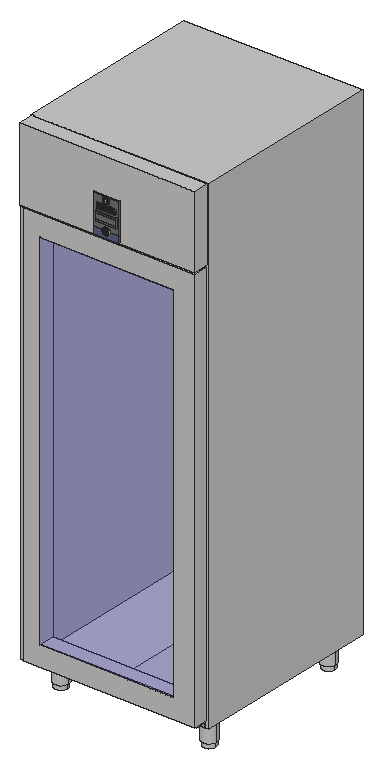
Revit family "QF_ELECTROLUXPROFESSIONAL_725229_REX71G0M", category Specialty Equipment, Revit 2018
Family settings
  Round Connector Dimension = Use Diameter
  Part Type = Normal
  Work Plane-Based = No
  Always vertical = Yes
  Cut with Voids When Loaded = No
  Shared = No
  Room Calculation Point = No
Parameters (values of type "Standard")
  Weight = 112.00 kg
  Watts = 0 W
  Volts = 220 V
  URL Manufacturer = "http://professional.electrolux.com"
  URL = "http://professional.electrolux.com"
  Steam Supply Size = 0 mm
  Steam Supply Minimum Pressure = 0.0 Pa
  Steam Supply Maximum Pressure = 0.0 Pa
  Steam Pounds per Hour = 0
  Refrigeration Suction Line Size = 0 mm
  Refrigeration Liquid Line Size = 0 mm
  Refrigerant Compressor Remote = yes
  Manufacturer = "Electrolux Professional"
  Phase = 1
  Model = "REX71G0M"
  Length Actual = 710 mm  # constant formula
  Item Number = "725229"
  Hot Water Size = 0 mm
  Height Actual = 2050 mm  # constant formula
  HP = "0.3 HP"
  Gas Size = 0 mm
  Gas KW = 0
  Gas Input Pressure = 0 W
  Direct Waste Size = 0 mm
  Description = "1-GLASS DOOR REF. 670L +2/+10°C DIG. A304 - R290 - MARINE 50HZ"
  Depth Actual = 835 mm  # constant formula
  Cycle = 50 Hz
  Condensate Return Size = 0 mm
  Compressed Air Volume = 0.0 L/s
  Compressed Air Size = 0 mm
  Compressed Air Pressure = 0.0 Pa
  Cold Water Size = 0 mm
  Accessory = yes
Reference planes
  plane 1 "Center (Front/Back)": y = 0
  plane 2: z = 0
  plane 3 "Center (Left/Right)": x = 0
  plane 4 "BASE": z = 110
  plane 5 "TOP": z = 2050
  plane 6 "FRONT": y = -417.5
  plane 7 "BACK": y = 417.5
  plane 8 "LEFT": x = -355
  plane 9 "RIGHT": x = 355
Forms (mm)
  Extrusion 1, solid, material "QF_Finishes_Stainless Steel"
    sketch origin (0, 0, 0) x (1, 0, 0) y (0, 1, 0)
      loop
        circle (-278, 344.5) r 25
      loop
        circle (278, 344.5) r 25
      loop
        circle (-295, -269.5) r 25
      loop
        circle (295, -269.5) r 25
    from 0 to 20
  Extrusion 2, solid, material "QF_Finishes_Stainless Steel"
    sketch origin (0, 0, 0) x (1, 0, 0) y (0, 1, 0)
      loop
        circle (-278, 344.5) r 30
      loop
        circle (278, 344.5) r 30
      loop
        circle (295, -269.5) r 30
      loop
        circle (-295, -269.5) r 30
    from 20 to 110
  Extrusion 3, solid, material "QF_Finishes_Stainless Steel"
    sketch origin (0, 0, 110) x (-1, 0, 0) y (0, -1, 0)
      loop
        line (355, -417.5) -> (355, 345.5) -> (-355, 345.5) -> (-355, -417.5) -> (355, -417.5)
    from 0 to 1940
  Extrusion 4, solid
    sketch origin (0, 417.5, 1660) x (-1, 0, 0) y (0, 0, 1)
      loop
        circle (339, 124) r 10
    from 0 to 3.2
  Extrusion 5, solid, material "QF_Door-Drawer Clearances", detail levels coarse
    sketch origin (0, 0, 110) x (-1, 0, 0) y (0, -1, 0)
      loop
        line (-345, 409.5) -> (-283, 409.5) -> (-283, 1006.5) -> (-301, 1006.5) -> (-301, 1024.5) -> (-323, 1024.5) -> (-323, 1062.5) -> (-345, 1062.5) -> (-345, 409.5)
    from 1642.965 to 28
  Extrusion 6, solid, material "QF_Door-Drawer Clearances", detail levels coarse
    sketch origin (0, 0, 110) x (-1, 0, 0) y (0, -1, 0)
      loop
        line (-283, 409.5) -> (347, 409.5)
        arc (347, 409.5) -> (150.684, 878.295) -> (-323, 1062.5) r 650
        line (-323, 1062.5) -> (-323, 1024.5) -> (-301, 1024.5) -> (-301, 1006.5) -> (-283, 1006.5) -> (-283, 409.5)
    from 1642.965 to 28
  Extrusion 7, solid, material "QF_Clearances", detail levels coarse
    sketch origin (0, 0, 110) x (-1, 0, 0) y (0, -1, 0)
      loop
        line (355, 417.5) -> (355, -417.5) -> (-355, -417.5) -> (-355, 417.5) -> (-375, 417.5) -> (-375, -447.5) -> (375, -447.5) -> (375, 417.5) -> (355, 417.5)
    from -110 to 1940
  Extrusion 8, solid, material "QF_Clearances", detail levels coarse
    sketch origin (0, 0, 2050) x (-1, 0, 0) y (0, -1, 0)
      loop
        line (375, -447.5) -> (375, 417.5) -> (-375, 417.5) -> (-375, -447.5) -> (375, -447.5)
    from 0 to 500
  Extrusion 9, void
    sketch origin (0, 417.5, 0) x (-1, 0, 0) y (0, 0, 1)
      loop
        line (280, 1724.965) -> (-280, 1724.965) -> (-280, 180) -> (0, 170) -> (280, 179.676) -> (280, 1724.965)
    from -56 to -763
  Extrusion 10, solid, material "QF_Finishes_Stainless Steel"
    sketch origin (0, 0, 110) x (-1, 0, 0) y (0, -1, 0)
      loop
        circle (0, 254.5) r 7.938
    from 0 to -10
Cuts and joins
  joined: Extrusion 7, Extrusion 8
  Extrusion 9 cuts Extrusion 3
Lines and regions (mm)
  symbolic lines, style "SpecialityEquipmentHiddenLines"
    curve 1: line (345, -409.5, 110) -> (345, -1062.5, 110)
    curve 2: line (345, -1062.5, 110) -> (323, -1062.5, 110)
    curve 3: line (283, -409.5, 110) -> (283, -1006.5, 110)
    curve 4: line (323, -1062.5, 110) -> (323, -1024.5, 110)
    curve 5: line (323, -1024.5, 110) -> (301, -1024.5, 110)
    curve 6: line (301, -1024.5, 110) -> (301, -1006.5, 110)
    curve 7: line (301, -1006.5, 110) -> (283, -1006.5, 110)
    curve 8: arc (-347, -409.5, 110) -> (-150.684, -878.295, 110) -> (323, -1062.5, 110) r 650
  symbolic lines, style "QF_Clearances", detail levels coarse
    curve 9: line (-355, -417.5, 2050) -> (-375, -417.5, 2050)
    curve 10: line (-375, -417.5, 2050) -> (-375, 447.5, 2050)
    curve 11: line (-375, 447.5, 2050) -> (375, 447.5, 2050)
    curve 12: line (375, 447.5, 2050) -> (375, -417.5, 2050)
    curve 13: line (375, -417.5, 2050) -> (355, -417.5, 2050)
  symbolic lines
    curve 14: line (355, 417.5, 110) -> (-355, 417.5, 110)
    curve 15: line (355, -345.5, 110) -> (355, 417.5, 110)
    curve 16: line (-355, -345.5, 110) -> (355, -345.5, 110)
    curve 17: line (-355, 417.5, 110) -> (-355, -345.5, 110)
Dimensions and locks
  equal spacing: plane 7 "BACK", plane 1 "Center (Front/Back)", plane 6 "FRONT"
  equal spacing: plane 8 "LEFT", plane 3 "Center (Left/Right)", plane 9 "RIGHT"
  plane 8 "LEFT" to plane 9 "RIGHT" = 710 mm
  plane 7 "BACK" to plane 6 "FRONT" = 835 mm
  plane 5 "TOP" to plane 2 = 2050 mm
  aligned and locked: level to plane 2
Automatic sketch dimensions
  Extrusion 3 sketch curve to plane 7 "BACK" = 0 mm
  Extrusion 3 sketch curve to plane 9 "RIGHT" = 0 mm
  Extrusion 3 sketch curve to plane 8 "LEFT" = 0 mm
  plane 8 "LEFT" to Extrusion 4 sketch curve = 16 mm
  plane 4 "BASE" to Extrusion 4 sketch curve = 1674 mm
  plane 9 "RIGHT" to Extrusion 5 sketch curve = 10 mm
  Extrusion 5 sketch curve to plane 6 "FRONT" = 589 mm
  Extrusion 5 sketch curve to Extrusion 5 sketch curve = 18 mm
  Extrusion 5 sketch curve to Extrusion 5 sketch curve = 38 mm
  plane 6 "FRONT" to Extrusion 5 sketch curve = 8 mm
  plane 6 "FRONT" to Extrusion 6 sketch curve = 4.692 mm
  Extrusion 6 sketch curve to Extrusion 6 sketch curve = 18 mm  (x2)
  Extrusion 6 sketch curve to Extrusion 6 sketch curve = 38 mm
  plane 8 "LEFT" to Extrusion 6 sketch curve = 8 mm
  plane 6 "FRONT" to Extrusion 6 sketch curve = 8 mm
  Extrusion 7 sketch curve to plane 6 "FRONT" = 0 mm  (x2)
  Extrusion 7 sketch curve to plane 7 "BACK" = 0 mm
  Extrusion 7 sketch curve to plane 9 "RIGHT" = 0 mm
  Extrusion 7 sketch curve to plane 8 "LEFT" = 0 mm
  Extrusion 7 sketch curve to plane 9 "RIGHT" = 20 mm
  Extrusion 7 sketch curve to plane 8 "LEFT" = 20 mm
  plane 7 "BACK" to Extrusion 7 sketch curve = 30 mm
  Extrusion 8 sketch curve to plane 6 "FRONT" = 0 mm
  Extrusion 8 sketch curve to plane 9 "RIGHT" = 20 mm
  Extrusion 8 sketch curve to plane 8 "LEFT" = 20 mm
  plane 7 "BACK" to Extrusion 8 sketch curve = 30 mm
  plane 8 "LEFT" to Extrusion 1 sketch curve = 60 mm
  plane 8 "LEFT" to Extrusion 1 sketch curve = 77 mm
  plane 9 "RIGHT" to Extrusion 1 sketch curve = 77 mm
  plane 9 "RIGHT" to Extrusion 1 sketch curve = 60 mm
  plane 6 "FRONT" to Extrusion 1 sketch curve = 148 mm  (x2)
  Extrusion 1 sketch curve to plane 7 "BACK" = 73 mm  (x2)
  plane 8 "LEFT" to Extrusion 2 sketch curve = 60 mm
  plane 8 "LEFT" to Extrusion 2 sketch curve = 77 mm
  plane 9 "RIGHT" to Extrusion 2 sketch curve = 77 mm
  plane 9 "RIGHT" to Extrusion 2 sketch curve = 60 mm
  plane 6 "FRONT" to Extrusion 2 sketch curve = 148 mm  (x2)
  Extrusion 2 sketch curve to plane 7 "BACK" = 73 mm  (x2)
  plane 6 "FRONT" to Extrusion 3 sketch curve = 72 mm
  plane 9 "RIGHT" to Extrusion 5 sketch curve = 32 mm
  Extrusion 5 sketch curve to Extrusion 5 sketch curve = 22 mm
  Extrusion 5 sketch curve to Extrusion 5 sketch curve = 62 mm
  plane 9 "RIGHT" to Extrusion 6 sketch curve = 72 mm
  Extrusion 6 sketch curve to Extrusion 6 sketch curve = 19.992 mm
  Extrusion 6 sketch curve to Extrusion 6 sketch curve = 22 mm
  curve 13 to plane 6 "FRONT" = 0 mm
  curve 13 to plane 9 "RIGHT" = 0 mm
  curve 9 to plane 6 "FRONT" = 0 mm
  curve 9 to plane 8 "LEFT" = 0 mm
  curve 12 to plane 9 "RIGHT" = 20 mm
  curve 9 to curve 9 = 20 mm
  plane 7 "BACK" to curve 12 = 30 mm
  Extrusion 10 sketch curve to plane 3 "Center (Left/Right)" = 0 mm
  plane 6 "FRONT" to Extrusion 10 sketch curve = 163 mm
  Extrusion 9 sketch curve to plane 3 "Center (Left/Right)" = 0 mm
  plane 8 "LEFT" to Extrusion 9 sketch curve = 75 mm
  plane 4 "BASE" to Extrusion 9 sketch curve = 60 mm
  plane 4 "BASE" to Extrusion 9 sketch curve = 69.676 mm
  Extrusion 9 sketch curve to plane 5 "TOP" = 325.035 mm
  plane 9 "RIGHT" to Extrusion 9 sketch curve = 75 mm
  Extrusion 9 sketch curve to Extrusion 9 sketch curve = 0.324 mm
  curve 15 to plane 7 "BACK" = 0 mm
  curve 15 to plane 9 "RIGHT" = 0 mm
  curve 16 to plane 8 "LEFT" = 0 mm
  plane 9 "RIGHT" to curve 2 = 10 mm
  plane 9 "RIGHT" to curve 5 = 32 mm
  plane 6 "FRONT" to curve 8 = 4.692 mm
  curve 1 to curve 8 = 42.008 mm
  curve 4 to curve 6 = 22 mm
  curve 6 to curve 7 = 18 mm
  plane 6 "FRONT" to curve 17 = 72 mm
  curve 7 to plane 6 "FRONT" = 589 mm
  curve 6 to curve 6 = 18 mm
  curve 4 to curve 2 = 38 mm
  plane 6 "FRONT" to curve 8 = 8 mm
  plane 6 "FRONT" to curve 3 = 8 mm
  plane 6 "FRONT" to curve 1 = 8 mm
  radius of Extrusion 1 sketch curve = 25 mm  (x4)
  radius of Extrusion 2 sketch curve = 30 mm  (x4)
  radius of Extrusion 4 sketch curve = 10 mm
  radius of Extrusion 10 sketch curve = 7.938 mm
Nested families
  nested 1: "QF_725229_Door" at (0, -345.5, 968.365) x (1, 0, 0) z (0, -1, 0), type "QF_725229_Door"
    with Show Clearance yes
  nested 2: "Refrigerator" at (355, -417.5, 110), type "Refrigerator"
Connectors
  electrical at (-339, 420.7, 1784), driven by "Volts"
    settings: on Extrusion 4, index 2, voltage 220 V, apparent load 0 VA, apparent load phase1 0 VA, apparent load phase2 0 VA, apparent load phase3 0 VA, power factor 1, load classification "Other", number of poles 1, system type 30, power factor state 1, is connector primary yes, connector utility no, sub classification motor no, connector description "Electrical Connection"
  piping at (0, -254.5, 100), diameter 15.875
    settings: on Extrusion 10, index 3, connector inside diameter 609.6 mm, connector length 0 mm, flow factor 0, pipe flow 0.0 L/s, pressure drop 0.0 Pa, fitting loss kfactor 0, connector angle 0.00°, fixture units 0, engagement length 0 mm, angle of deflection 0.00°, flow configuration 1, flow direction 2, fitting loss method 0, system type 16, joint type 0, gender type 0, connector reference index -1, connector utility 0, adjustable connector no, is connector primary yes, connector description "Drain"
Definition of nested family "QF_725229_Door"
  Parameters
    Show Clearance [instance] = yes
    Model = "729040"
    Default Elevation = 0 mm
  Reference planes
    plane 1 "Center (Front/Back)": y = 0
    plane 2: z = 0
    plane 3 "Center (Left/Right)": x = 0
  Forms (mm)
    Extrusion 1, solid
      sketch origin (0, -919.2, 0) x (1, 0, 0) y (0, 1, 0)
        loop
          line (-460, 2119.2) -> (-460, -162.846) -> (488.967, -162.846) -> (488.967, 2119.2) -> (-460, 2119.2)
      from 0 to -59.546
    Extrusion 2, solid
      sketch origin (0, 0, 0) x (1, 0, 0) y (0, 0, 1)
        loop
          line (-347, 64) -> (-347, 0) -> (347, 0) -> (347, 64) -> (-347, 64)
      from -1081.6 to -791.6
    Extrusion 3, solid
      sketch origin (0, 0, 0) x (1, 0, 0) y (0, 0, 1)
        loop
          line (-347, 60) -> (-347, 26) -> (-325, 26) -> (-325, 8) -> (-307, 8) -> (-307, 0) -> (339, 0) -> (339, 8) -> (347, 8) -> (347, 64) -> (-332, 64) -> (-347, 60)
      from -784.6 to 830.4
    Extrusion 4, solid
      sketch origin (119, -516.365, 0) x (0, 1, 0) y (0, 0, 1)
        loop
          line (-323.003, 40.312) -> (-316.501, 40.312) -> (-316.501, 42.812) -> (-325.503, 42.812) -> (-325.503, 2.5) -> (-342, 2.5) -> (-342, 0) -> (-323.003, 0) -> (-323.003, 12.259) -> (-323.003, 40.312)
        loop
          line (-314, 38.311) -> (-316.501, 38.311) -> (-316.501, 14.304) -> (-319.752, 14.304) -> (-319.752, 11.804) -> (-314, 11.804) -> (-314, 38.311)
      from 185 to 220
    Extrusion 5, solid
      sketch origin (119, 469.597, 0) x (0, 1, 0) y (0, 0, 1)
        loop
          line (315.003, 27.948) -> (315.003, 2.948) -> (315.003, 0) -> (322.003, 0) -> (322.003, 2.5) -> (317.503, 2.5) -> (317.503, 27.948) -> (315.003, 27.948)
      from 185 to 220
    Extrusion 6, void
      sketch origin (0, 0, 0) x (1, 0, 0) y (0, 1, 0)
        loop
          line (267, -750.4) -> (267, 704.6) -> (-267, 704.6) -> (-267, -750.4) -> (267, -750.4)
      from 0 to 64
    Extrusion 7, solid
      sketch origin (0, 0, 0) x (1, 0, 0) y (0, 1, 0)
        loop
          line (267, 704.6) -> (-267, 704.6) -> (-267, -750.4) -> (267, -750.4) -> (267, 704.6)
      from 60 to 64
  Cuts and joins
    Extrusion 6 cuts Extrusion 3
  Lines and regions (mm)
    symbolic lines
      curve 1: line (-347, 0, 64) -> (347, 0, 64)
      curve 2: line (-347, 0, 0) -> (-347, 0, 64)
      curve 3: line (347, 0, 0) -> (-347, 0, 0)
      curve 4: line (347, 0, 64) -> (347, 0, 0)
      curve 5: line (-347, 0, 26) -> (-325, 0, 26)
      curve 6: line (-325, 0, 26) -> (-325, 0, 8)
      curve 7: line (-325, 0, 8) -> (-307, 0, 8)
      curve 8: line (-307, 0, 8) -> (-307, 0, 0)
      curve 9: line (339, 0, 8) -> (347, 0, 8)
      curve 10: line (339, 0, 8) -> (339, 0, 0)
  Dimensions and locks
    aligned and locked: plane 2 to Extrusion 1
    aligned and locked: level to Extrusion 1
  Nested families
    nested 1: "QF_DisplayStandardCabinets" at (0, 863.6, 64), type "QF_DisplayStandardCabinets"
      with Show Clearance yes
  Definition of nested family "QF_DisplayStandardCabinets"
    Parameters
      Show Clearance [instance] = yes
      Model = "728658"
      Default Elevation = 1219.2 mm
    Reference planes
      plane 1 "Center (Front/Back)": y = 0
      plane 2: z = 0
      plane 3 "Center (Left/Right)": x = 0
    Forms (mm)
      Extrusion 1, solid
        sketch origin (0, -919.2, 0) x (1, 0, 0) y (0, 1, 0)
          loop
            line (-198.75, 1146.2) -> (-198.75, 709.567) -> (165.741, 709.567) -> (165.741, 1146.2) -> (-198.75, 1146.2)
        from 0 to -59.546
      Extrusion 2, solid
        sketch origin (-59, -44.611, 0) x (0, 1, 0) y (-1, 0, 0)
          loop
            circle (0.611, -59) r 14
        from 4 to 7
      Extrusion 3, solid
        sketch origin (744.635, 320.889, 0) x (0, 1, 0) y (-1, 0, 0)
          loop
            circle (-364.889, 744.635) r 10
          loop
            circle (-364.889, 744.635) r 9
        from 4 to 8
      Extrusion 4, solid
        sketch origin (744.635, 320.889, 0) x (0, 1, 0) y (-1, 0, 0)
          loop
            circle (-364.889, 744.635) r 8.7
        from 4 to 8
      Extrusion 5, void
        sketch origin (744.635, 320.889, 0) x (0, 1, 0) y (-1, 0, 0)
          loop
            line (-372.339, 745.885) -> (-372.339, 743.385) -> (-362.339, 743.385) -> (-362.339, 745.885) -> (-372.339, 745.885)
        from 8.592 to 6.269
      Extrusion 6, solid
        sketch origin (744.635, 320.889, 0) x (0, 1, 0) y (-1, 0, 0)
          loop
            line (-372.339, 745.885) -> (-372.339, 743.385) -> (-362.339, 743.385) -> (-362.339, 745.885) -> (-372.339, 745.885)
        from 6 to 8
      Extrusion 7, solid
        sketch origin (0, 0, 0) x (1, 0, 0) y (0, 1, 0)
          loop
            line (-51.473, 80) -> (-51.473, -44) -> (-14, -44)
            arc (-14, -44) -> (0, -30) -> (14, -44) r 14
            line (14, -44) -> (50.954, -44) -> (50.954, 80) -> (-51.473, 80)
        from 0 to 4
      Extrusion 8, solid
        sketch origin (0, -30, 0) x (0, 1, 0) y (0, 0, 1)
          loop
            line (10.404, 4) -> (17.404, 4) -> (17.404, 8)
            arc (17.404, 8) -> (13.868, 7.749) -> (10.404, 7) r 25
            line (10.404, 7) -> (10.404, 4)
          loop
            arc (47.404, 7) -> (43.939, 7.749) -> (40.404, 8) r 25
            line (40.404, 8) -> (40.404, 4) -> (47.404, 4) -> (47.404, 7)
        from 40 to -40
      Extrusion 9, solid
        sketch origin (0, -30, 0) x (1, 0, 0) y (0, 1, 0)
          loop
            line (-40, 40.404) -> (-40, 17.404) -> (40, 17.404) -> (40, 40.404) -> (-40, 40.404)
        from 8 to 4
      Extrusion 10, solid
        sketch origin (46.005, 87.683, 0) x (1, 0, 0) y (0, 1, 0)
          loop
            line (-43.063, -13.359) -> (-43.063, -33.154)
            arc (-43.063, -33.154) -> (-35.746, -23.257) -> (-43.063, -13.359) r 10.352
          loop
            arc (-44.07, -13.359) -> (-52.302, -15.23) -> (-56.268, -22.683) r 10.145
            line (-56.268, -22.683) -> (-52.994, -22.683)
            arc (-52.994, -22.683) -> (-47.143, -20.308) -> (-44.07, -14.793) r 9.509
            line (-44.07, -14.793) -> (-44.07, -13.359)
          loop
            arc (-44.07, -31.721) -> (-47.143, -26.205) -> (-52.994, -23.831) r 9.509
            line (-52.994, -23.831) -> (-56.268, -23.831)
            arc (-56.268, -23.831) -> (-52.309, -31.345) -> (-44.07, -33.408) r 10.411
            line (-44.07, -33.408) -> (-44.07, -31.721)
          loop
            line (-57.02, -12.279) -> (-57.02, -34.279) -> (-34.99, -34.279) -> (-34.99, -12.279) -> (-57.02, -12.279)
        from 4 to 5.6
      Extrusion 11, solid
        sketch origin (-12.866, 61.032, 0) x (1, 0, 0) y (0, 1, 0)
          loop
            line (-15.272, -12.492) -> (-22.708, -12.492) -> (-22.708, -21.151)
            arc (-22.708, -21.151) -> (-21.729, -23.514) -> (-19.367, -24.492) r 3.341
            line (-19.367, -24.492) -> (-15.128, -24.492) -> (-15.128, -22.55) -> (-18.883, -22.55)
            arc (-18.883, -22.55) -> (-20.117, -22.133) -> (-20.642, -20.941) r 1.615
            line (-20.642, -20.941) -> (-20.642, -19.224) -> (-15.593, -19.224) -> (-15.593, -17.274) -> (-20.642, -17.274) -> (-20.642, -14.436) -> (-15.272, -14.436) -> (-15.272, -12.492)
          loop
            line (-13.66, -12.492) -> (-13.66, -24.492) -> (-11.593, -24.492) -> (-11.593, -12.492) -> (-13.66, -12.492)
          loop
            line (31.232, -12.492) -> (31.232, -24.492) -> (33.3, -24.492) -> (33.3, -12.492) -> (31.232, -12.492)
          loop
            line (-8.175, -20.66) -> (-1.392, -20.66)
            arc (-1.392, -20.66) -> (-2.453, -16.934) -> (-6.081, -15.575) r 4.298
            arc (-6.081, -15.575) -> (-9.277, -17.196) -> (-10.188, -20.66) r 4.373
            arc (-10.188, -20.66) -> (-8.988, -23.558) -> (-6.091, -24.758) r 4.097
            arc (-6.091, -24.758) -> (-3.837, -24.425) -> (-1.946, -23.152) r 5.15
            line (-1.946, -23.152) -> (-3.171, -21.928)
            arc (-3.171, -21.928) -> (-4.778, -22.892) -> (-6.645, -22.73) r 3.039
            arc (-6.645, -22.73) -> (-7.784, -21.972) -> (-8.175, -20.66) r 2.013
          loop
            line (-8.123, -19.207) -> (-3.469, -19.207)
            arc (-3.469, -19.207) -> (-4.122, -17.833) -> (-5.557, -17.326) r 1.983
            arc (-5.557, -17.326) -> (-7.213, -17.758) -> (-8.123, -19.207) r 2.321
          loop
            line (6.665, -18.342) -> (7.963, -17.044)
            arc (7.963, -17.044) -> (6.336, -15.866) -> (4.358, -15.514) r 4.497
            arc (4.358, -15.514) -> (1.341, -16.616) -> (-0.242, -19.411) r 4.652
            arc (-0.242, -19.411) -> (2.426, -24.31) -> (7.89, -23.18) r 4.684
            line (7.89, -23.18) -> (6.599, -21.89)
            arc (6.599, -21.89) -> (3.813, -22.811) -> (1.817, -20.66) r 2.714
            arc (1.817, -20.66) -> (1.956, -18.959) -> (3.127, -17.718) r 2.578
            arc (3.127, -17.718) -> (5.002, -17.432) -> (6.665, -18.342) r 2.961
          loop
            line (9.233, -12.492) -> (9.233, -20.693)
            arc (9.233, -20.693) -> (9.411, -21.923) -> (9.872, -23.078) r 5.301
            arc (9.872, -23.078) -> (11.347, -24.251) -> (13.216, -24.498) r 3.531
            line (13.216, -24.498) -> (13.216, -22.561)
            arc (13.216, -22.561) -> (12.66, -22.519) -> (12.142, -22.313) r 1.862
            arc (12.142, -22.313) -> (11.478, -21.611) -> (11.3, -20.66) r 1.713
            line (11.3, -20.66) -> (11.3, -17.691) -> (13.177, -17.691) -> (13.177, -15.813) -> (11.3, -15.813) -> (11.3, -12.492) -> (9.233, -12.492)
          loop
            arc (16.966, -19.93) -> (17.114, -19.065) -> (17.54, -18.298) r 2.607
            arc (17.54, -18.298) -> (18.779, -17.662) -> (20.17, -17.691) r 2.84
            line (20.17, -17.691) -> (20.17, -15.704)
            arc (20.17, -15.704) -> (18.352, -15.876) -> (16.966, -17.064) r 3.016
            line (16.966, -17.064) -> (16.966, -15.813) -> (14.916, -15.813) -> (14.916, -24.492) -> (16.966, -24.492) -> (16.966, -19.93)
          loop
            circle (25.224, -20.154) r 4.599
          loop
            circle (25.224, -20.154) r 2.787
          loop
            arc (40.755, -20.878) -> (40.245, -22.281) -> (38.861, -22.84) r 1.835
            arc (38.861, -22.84) -> (37.476, -22.281) -> (36.966, -20.878) r 1.835
            line (36.966, -20.878) -> (36.966, -15.813) -> (34.881, -15.813) -> (34.881, -21.05)
            arc (34.881, -21.05) -> (36.067, -23.754) -> (38.861, -24.712) r 3.675
            arc (38.861, -24.712) -> (41.685, -23.725) -> (42.839, -20.965) r 3.675
            line (42.839, -20.965) -> (42.839, -15.813) -> (40.755, -15.813) -> (40.755, -20.878)
          loop
            line (44.088, -15.813) -> (47.09, -19.889) -> (43.792, -24.495) -> (46.014, -24.495) -> (48.203, -21.438) -> (50.424, -24.495) -> (52.632, -24.495) -> (49.381, -19.842) -> (52.354, -15.813) -> (50.097, -15.813) -> (48.196, -18.39) -> (46.324, -15.813) -> (44.088, -15.813)
          loop
            line (-21.545, -29.467) -> (-23.194, -29.467) -> (-23.194, -33.617) -> (-22.292, -33.617) -> (-22.292, -32.188) -> (-21.295, -32.188)
            arc (-21.295, -32.188) -> (-20.179, -30.713) -> (-21.545, -29.467) r 1.372
          loop
            arc (-21.334, -31.373) -> (-20.993, -30.839) -> (-21.334, -30.306) r 0.587
            line (-21.334, -30.306) -> (-22.292, -30.306) -> (-22.292, -31.373) -> (-21.334, -31.373)
          loop
            line (-15.033, -29.467) -> (-16.71, -29.467) -> (-16.71, -33.617) -> (-15.808, -33.617) -> (-15.808, -32.188) -> (-14.935, -32.188) -> (-14.339, -33.617) -> (-13.37, -33.617) -> (-14.186, -31.867)
            arc (-14.186, -31.867) -> (-13.795, -31.4) -> (-13.664, -30.805) r 1.281
            arc (-13.664, -30.805) -> (-14.076, -29.857) -> (-15.033, -29.467) r 1.37
          loop
            line (-15.808, -30.306) -> (-15.808, -31.373) -> (-14.85, -31.373)
            arc (-14.85, -31.373) -> (-14.509, -30.839) -> (-14.85, -30.306) r 0.587
            line (-14.85, -30.306) -> (-15.808, -30.306)
          loop
            circle (-8.072, -31.542) r 2.156
          loop
            circle (-8.072, -31.542) r 1.368
          loop
            line (-2.373, -29.467) -> (-2.373, -33.617) -> (-1.493, -33.617) -> (-1.493, -32.167) -> (0.069, -32.167) -> (0.069, -31.237) -> (-1.493, -31.237) -> (-1.493, -30.361) -> (0.219, -30.361) -> (0.219, -29.467) -> (-2.373, -29.467)
          loop
            line (3.719, -29.467) -> (3.719, -32.269)
            arc (3.719, -32.269) -> (4.101, -33.219) -> (5.046, -33.614) r 1.327
            line (5.046, -33.614) -> (6.385, -33.614) -> (6.385, -32.83) -> (5.126, -32.83)
            arc (5.126, -32.83) -> (4.662, -32.447) -> (4.571, -31.852) r 0.845
            line (4.571, -31.852) -> (6.23, -31.852) -> (6.23, -31.068) -> (4.571, -31.068) -> (4.571, -30.251) -> (6.345, -30.251) -> (6.345, -29.467) -> (3.719, -29.467)
          loop
            arc (18.747, -29.993) -> (18.197, -29.542) -> (17.501, -29.398) r 1.485
            arc (17.501, -29.398) -> (16.858, -29.556) -> (16.329, -29.955) r 1.645
            arc (16.329, -29.955) -> (16.232, -30.897) -> (16.84, -31.624) r 1.217
            arc (16.84, -31.624) -> (17.351, -31.794) -> (17.836, -32.029) r 4.201
            arc (17.836, -32.029) -> (18.142, -32.39) -> (17.931, -32.814) r 0.43
            arc (17.931, -32.814) -> (17.539, -32.906) -> (17.149, -32.807) r 0.846
            arc (17.149, -32.807) -> (16.811, -32.564) -> (16.605, -32.203) r 0.983
            line (16.605, -32.203) -> (15.879, -32.542)
            arc (15.879, -32.542) -> (16.14, -33.046) -> (16.562, -33.427) r 1.595
            arc (16.562, -33.427) -> (17.04, -33.631) -> (17.557, -33.683) r 1.719
            arc (17.557, -33.683) -> (18.196, -33.556) -> (18.772, -33.25) r 2.246
            arc (18.772, -33.25) -> (19.027, -32.573) -> (18.896, -31.863) r 1.349
            arc (18.896, -31.863) -> (18.612, -31.535) -> (18.249, -31.298) r 1.564
            arc (18.249, -31.298) -> (17.79, -31.093) -> (17.32, -30.917) r 8.236
            arc (17.32, -30.917) -> (17.048, -30.494) -> (17.441, -30.181) r 0.375
            arc (17.441, -30.181) -> (17.911, -30.294) -> (18.273, -30.616) r 0.998
            line (18.273, -30.616) -> (18.747, -29.993)
          loop
            line (22.554, -29.467) -> (22.554, -33.614) -> (23.407, -33.614) -> (23.407, -29.467) -> (22.554, -29.467)
          loop
            circle (29.157, -31.541) r 1.29
          loop
            circle (29.157, -31.541) r 2.154
          loop
            line (34.878, -33.614) -> (35.739, -33.614) -> (35.739, -31.007) -> (37.636, -33.614) -> (38.465, -33.614) -> (38.465, -29.467) -> (37.604, -29.467) -> (37.604, -32.154) -> (35.707, -29.467) -> (34.878, -29.467) -> (34.878, -33.614)
          loop
            line (42.765, -33.614) -> (43.169, -32.72) -> (44.703, -32.72) -> (45.106, -33.614) -> (46.023, -33.614) -> (44.271, -29.467) -> (43.471, -29.467) -> (41.849, -33.614) -> (42.765, -33.614)
          loop
            line (44.32, -31.869) -> (43.909, -30.958) -> (43.51, -31.869) -> (44.32, -31.869)
          loop
            line (50.258, -32.83) -> (50.258, -29.467) -> (49.406, -29.467) -> (49.406, -33.614) -> (51.853, -33.614) -> (51.853, -32.83) -> (50.258, -32.83)
          loop
            arc (12.529, -29.993) -> (11.98, -29.542) -> (11.284, -29.398) r 1.485
            arc (11.284, -29.398) -> (10.641, -29.556) -> (10.112, -29.955) r 1.645
            arc (10.112, -29.955) -> (10.014, -30.897) -> (10.622, -31.624) r 1.217
            arc (10.622, -31.624) -> (11.133, -31.794) -> (11.618, -32.029) r 4.201
            arc (11.618, -32.029) -> (11.925, -32.39) -> (11.714, -32.814) r 0.43
            arc (11.714, -32.814) -> (11.322, -32.906) -> (10.931, -32.807) r 0.846
            arc (10.931, -32.807) -> (10.594, -32.564) -> (10.387, -32.203) r 0.983
            line (10.387, -32.203) -> (9.662, -32.542)
            arc (9.662, -32.542) -> (9.923, -33.046) -> (10.345, -33.427) r 1.595
            arc (10.345, -33.427) -> (10.823, -33.631) -> (11.34, -33.683) r 1.719
            arc (11.34, -33.683) -> (11.979, -33.556) -> (12.555, -33.25) r 2.246
            arc (12.555, -33.25) -> (12.809, -32.573) -> (12.678, -31.863) r 1.349
            arc (12.678, -31.863) -> (12.394, -31.535) -> (12.031, -31.298) r 1.564
            arc (12.031, -31.298) -> (11.573, -31.093) -> (11.102, -30.917) r 8.236
            arc (11.102, -30.917) -> (10.83, -30.494) -> (11.223, -30.181) r 0.375
            arc (11.223, -30.181) -> (11.694, -30.294) -> (12.056, -30.616) r 0.998
            line (12.056, -30.616) -> (12.529, -29.993)
        from 4 to 5.6
      Extrusion 12, solid
        sketch origin (0, 0, 0) x (1, 0, 0) y (0, 1, 0)
          loop
            line (-51.473, -44) -> (-51.473, -70) -> (50.954, -70) -> (50.954, -44) -> (14, -44)
            arc (14, -44) -> (0, -58) -> (-14, -44) r 14
            line (-14, -44) -> (-51.473, -44)
        from 0 to 4
    Cuts and joins
      Extrusion 5 cuts Extrusion 4
      joined: Extrusion 8, Extrusion 9
    Lines and regions (mm)
      Split face 1
        outline origin (-41, 10.404, 8) x (-1, 0, 0) y (0, -1, 0)
          loop
            line (-72.157, 0.05) -> (-72.157, 10.5) -> (-78.157, 10.5) -> (-78.157, 0.05) -> (-72.157, 0.05)
      Split face 2
        outline origin (-50, 10.404, 8) x (-1, 0, 0) y (0, -1, 0)
          loop
            line (-72.157, 0.05) -> (-72.157, 10.5) -> (-78.157, 10.5) -> (-78.157, 0.05) -> (-72.157, 0.05)
      Split face 3
        outline origin (-50, 10.404, 8) x (-1, 0, 0) y (0, -1, 0)
          loop
            line (-72.157, 12.45) -> (-72.157, 22.9) -> (-78.157, 22.9) -> (-78.157, 12.45) -> (-72.157, 12.45)
      Split face 4
        outline origin (-50, 10.404, 8) x (-1, 0, 0) y (0, -1, 0)
          loop
            line (-81.157, 12.45) -> (-81.157, 22.9) -> (-87.157, 22.9) -> (-87.157, 12.45) -> (-81.157, 12.45)
      Split face 5
        outline origin (-50, 10.404, 8) x (-1, 0, 0) y (0, -1, 0)
          loop
            line (-13, 0.1) -> (-13, 22.9) -> (-69, 22.9) -> (-69, 0.1) -> (-13, 0.1)
      symbolic lines
        curve 1: line (52.518, 0, 4) -> (-53.037, 0, 4)
        curve 2: line (40, 0, 4) -> (40, 0, 8)
        curve 3: line (40, 0, 8) -> (-40, 0, 8)
        curve 4: line (-40, 0, 8) -> (-40, 0, 4)
        curve 5: line (-64.765, 0, 0) -> (-53.037, 0, 4)
        curve 6: line (52.518, 0, 4) -> (64.135, 0, 0)
    Dimensions and locks
      aligned and locked: plane 2 to Extrusion 1
      aligned and locked: level to Extrusion 1
Definition of nested family "Refrigerator"
  Reference planes
    plane 1 "Center (Front/Back)": y = 0
    plane 2: z = 0
    plane 3 "Center (Left/Right)": x = 0
  Lines and regions (mm)
    detail lines, in view "Ref. Level"
      curve 1: spline (-500, 190, 0) -> (-493.185, 166.706, 0) -> (-473.205, 145, 0) -> (-441.421, 126.36, 0) -> (-400, 112.058, 0) -> (-351.764, 103.067, 0) -> (-300, 100, 0) -> (-248.236, 103.067, 0) -> (-200, 112.058, 0) -> (-158.579, 126.36, 0) -> (-126.795, 145, 0) -> (-106.815, 166.706, 0) -> (-100, 190, 0) -> (-106.815, 213.294, 0) -> (-126.795, 235, 0) -> (-158.579, 253.64, 0) -> (-200, 267.942, 0) -> (-248.236, 276.933, 0) -> (-300, 280, 0) -> (-351.764, 276.933, 0) -> (-400, 267.942, 0) -> (-441.421, 253.64, 0) -> (-473.205, 235, 0) -> (-493.185, 213.294, 0) -> (-500, 190, 0)
      curve 2: line (-300, 130, 0) -> (-300, 250, 0)
      curve 3: line (-351.962, 220, 0) -> (-248.038, 160, 0)
      curve 4: line (-351.962, 160, 0) -> (-248.038, 220, 0)
      curve 5: line (-280.884, 246.873, 0) -> (-300, 225, 0)
      curve 6: line (-300, 225, 0) -> (-319.116, 246.873, 0)
      curve 7: line (-330.311, 207.5, 0) -> (-339.696, 234.992, 0)
      curve 8: line (-358.812, 201.882, 0) -> (-330.311, 207.5, 0)
      curve 9: line (-330.311, 172.5, 0) -> (-358.812, 178.118, 0)
      curve 10: line (-339.696, 145.008, 0) -> (-330.311, 172.5, 0)
      curve 11: line (-300, 155, 0) -> (-319.116, 133.127, 0)
      curve 12: line (-280.884, 133.127, 0) -> (-300, 155, 0)
      curve 13: line (-269.689, 172.5, 0) -> (-260.304, 145.008, 0)
      curve 14: line (-241.188, 178.118, 0) -> (-269.689, 172.5, 0)
      curve 15: line (-269.689, 207.5, 0) -> (-241.188, 201.882, 0)
      curve 16: line (-260.304, 234.992, 0) -> (-269.689, 207.5, 0)
